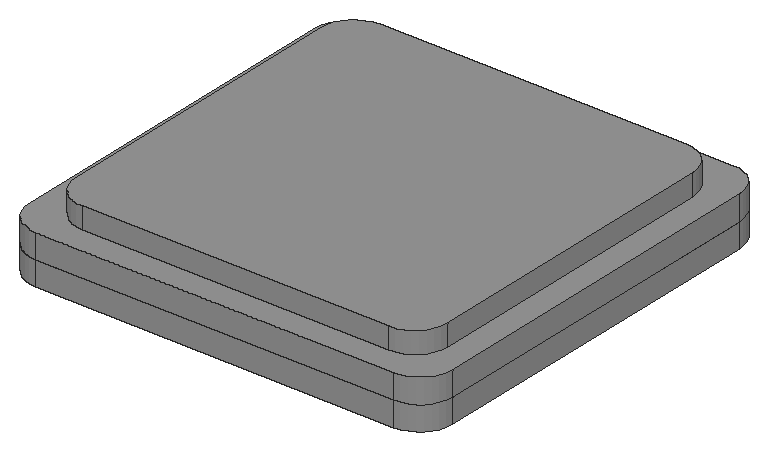
Revit family "FMS2_63_UN_Surface-mounted_ETK", category Lighting Fixtures, Revit 2019 (continued)
Definition of nested family "FMS.2 - Lightsource"
  Types (14, lengths in mm): name | Wattage Comments | Wattage | built-in parameter 1150134 | Photometric Web File | built-in parameter 1150142 | built-in parameter 1150105 | Lumens | built-in parameter 1150107 | built-in parameter 1150106 | Apparent Load
      .0375\t393.9993\t390.823\t387.7848\t384.7466\t381.5703\t378.5321\t375.3558\t372.3176\t369.1413\r\n366.1031\t362.9268\t359.8886\t356.7123\t353.6741\t350.4978\t347.4596\t344.2833\t341.2451\t338.2069\r\n335.0306\t331.9924\t328.8161\t325.0874\t321.3587\t317.7681\t314.0394\t310.3107\t306.7201\t302.9914\r\n299.2627\t295.6721\t291.9434\t288.2147\t284.6241\t280.8954\t277.1667\t273.5761\t269.8474\t266.1187\r\n262.39\t258.7994\t255.0707\t251.342\t247.6133\t244.0227\t240.294\t236.5653\t232.9747\t229.246\r\n225.5173\t221.9267\t218.198\t214.3312\t210.4644\t206.5976\t202.7308\t198.864\t194.9972\t191.1304\r\n187.2636\t183.3968\t179.53\t175.6632\t171.7964\t167.9296\t164.0628\t160.196\t156.3292\t152.4624\r\n148.5956\t144.7288\t141.0001\t137.0781\t133.2251\t129.3721\t125.5053\t121.6523\t117.7993\t113.9463\r\n110.1071\t106.1022\t95.1233\t84.1443\t73.1792\t62.2002\t51.2351\t40.2561\t29.2772\t18.3121\r\n7.3359\t0\t0\t0\t0\t0\t0\t0\t0\t0\r\n0\t0\t0\t0\t0\t0\t0\t0\t0\t0\r\n0\r\n502.9602\t502.4078\t501.7173\t501.0268\t500.4744\t499.922\t499.2315\t498.6791\t497.9886\t497.4362\r\n496.8838\t496.1933\t495.6409\t495.0885\t494.5361\t493.9837\t493.4313\t492.8789\t492.1884\t491.636\r\n491.0836\t490.5312\t489.9788\t489.4264\t488.7359\t488.1835\t487.6311\t487.0787\t486.5263\t485.9739\r\n485.2834\t483.9024\t481.969\t480.0356\t477.9641\t476.0307\t473.9592\t472.0258\t469.9543\t468.0209\r\n465.9494\t463.8779\t461.9445\t459.873\t457.9396\t455.8681\t453.9347\t451.8632\t449.7917\t447.8583\r\n445.7868\t443.7153\t441.7819\t439.7104\t437.6389\t435.7055\t433.634\t431.5625\t429.491\t427.5576\r\n425.4861\t423.2765\t420.1002\t417.062\t414.0238\t410.9856\t407.9474\t404.9092\t401.7329\t398.6947\r\n395.6565\t392.6183\t389.5801\t386.4038\t383.3656\t380.3274\t377.2892\t374.1129\t371.0747\t368.0365\r\n364.9983\t361.822\t358.7838\t355.7456\t352.5693\t349.5311\t346.4929\t343.4547\t340.2784\t337.2402\r\n334.202\t331.0257\t327.4351\t323.7064\t320.1158\t316.3871\t312.6584\t309.0678\t305.3391\t301.7485\r\n298.0198\t294.4292\t290.7005\t287.1099\t283.3812\t279.7906\t276.0619\t272.3332\t268.7426\t265.0139\r\n261.4233\t257.6946\t254.104\t250.3753\t246.7847\t243.056\t239.4654\t235.7367\t232.1461\t228.4174\r\n224.8268\t221.0981\t217.2313\t213.3645\t209.4977\t205.769\t201.9022\t198.0354\t194.1686\t190.3018\r\n186.5731\t182.7063\t178.8395\t174.9727\t171.1059\t167.2391\t163.5104\t159.6436\t155.7768\t151.91\r\n148.0432\t144.1764\t140.4477\t136.5533\t132.7141\t128.8749\t125.0219\t121.1827\t117.3436\t113.5044\r\n109.6652\t101.8073\t90.8698\t79.9185\t68.9671\t58.0158\t47.0645\t36.1131\t25.1618\t14.2105\r\n3.2619\t0\t0\t0\t0\t0\t0\t0\t0\t0\r\n0\t0\t0\t0\t0\t0\t0\t0\t0\t0\r\n0\r\n502.9602\t502.4078\t501.7173\t501.0268\t500.4744\t499.7839\t499.2315\t498.541\t497.9886\t497.4362\r\n496.7457\t496.1933\t495.5028\t494.9504\t494.398\t493.7075\t493.1551\t492.6027\t491.9122\t491.3598\r\n490.8074\t490.1169\t489.5645\t489.0121\t488.4597\t487.7692\t487.2168\t486.6644\t486.112\t485.4215\r\n484.8691\t483.0738\t481.0023\t479.0689\t476.9974\t474.9259\t472.9925\t470.921\t468.9876\t466.9161\r\n464.9827\t462.9112\t460.8397\t458.9063\t456.8348\t454.9014\t452.8299\t450.8965\t448.825\t446.8916\r\n444.8201\t442.7486\t440.8152\t438.7437\t436.6722\t434.7388\t432.6673\t430.5958\t428.6624\t426.5909\r\n424.5194\t421.7574\t418.7192\t415.5429\t412.5047\t409.4665\t406.4283\t403.3901\t400.3519\t397.3137\r\n394.1374\t391.0992\t388.061\t385.0228\t381.9846\t378.9464\t375.9082\t372.87\t369.8318\t366.6555\r\n363.6173\t360.5791\t357.5409\t354.5027\t351.4645\t348.4263\t345.25\t342.2118\t339.1736\t336.1354\r\n333.0972\t329.5066\t325.916\t322.3254\t318.5967\t315.0061\t311.4155\t307.6868\t304.0962\t300.3675\r\n296.7769\t293.1863\t289.4576\t285.867\t282.2764\t278.5477\t274.9571\t271.2284\t267.6378\t264.0472\r\n260.3185\t256.7279\t253.1373\t249.4086\t245.818\t242.0893\t238.4987\t234.9081\t231.1794\t227.5888\r\n223.9982\t220.1314\t216.2646\t212.5359\t208.6691\t204.8023\t201.0736\t197.2068\t193.34\t189.6113\r\n185.7445\t181.8777\t178.149\t174.2822\t170.4154\t166.5486\t162.8199\t158.9531\t155.0863\t151.3576\r\n147.4908\t143.624\t139.7572\t135.9871\t132.1617\t128.3363\t124.511\t120.6718\t116.8464\t113.021\r\n109.1957\t99.0453\t88.1354\t77.2255\t66.3018\t55.3919\t44.482\t33.5583\t22.6484\t11.7302\r\n0.8141\t0\t0\t0\t0\t0\t0\t0\t0\t0\r\n0\t0\t0\t0\t0\t0\t0\t0\t0\t0\r\n0\r\n502.9602\t502.4078\t501.7173\t501.1649\t500.4744\t499.7839\t499.2315\t498.541\t497.9886\t497.2981\r\n496.7457\t496.0552\t495.5028\t494.8123\t494.2599\t493.5694\t493.017\t492.3265\t491.7741\t491.0836\r\n490.5312\t489.8407\t489.2883\t488.5978\t487.9073\t487.3549\t486.6644\t486.112\t485.4215\t484.8691\r\n484.1786\t482.2452\t480.1737\t478.1022\t476.1688\t474.0973\t472.0258\t470.0924\t468.0209\t465.9494\r\n464.016\t461.9445\t459.873\t457.9396\t455.8681\t453.9347\t451.8632\t449.7917\t447.8583\t445.7868\r\n443.7153\t441.7819\t439.7104\t437.6389\t435.7055\t433.634\t431.5625\t429.6291\t427.5576\t425.4861\r\n423.5527\t420.5145\t417.4763\t414.3\t411.2618\t408.2236\t405.1854\t402.1472\t399.109\t396.0708\r\n393.0326\t389.9944\t386.8181\t383.7799\t380.7417\t377.7035\t374.6653\t371.6271\t368.5889\t365.5507\r\n362.5125\t359.4743\t356.298\t353.2598\t350.2216\t347.1834\t344.1452\t341.107\t338.0688\t335.0306\r\n331.9924\t328.2637\t324.6731\t321.0825\t317.3538\t313.7632\t310.1726\t306.582\t302.8533\t299.2627\r\n295.6721\t291.9434\t288.3528\t284.7622\t281.0335\t277.4429\t273.8523\t270.1236\t266.533\t262.9424\r\n259.3518\t255.6231\t252.0325\t248.4419\t244.7132\t241.1226\t237.532\t233.8033\t230.2127\t226.6221\r\n223.0315\t219.1647\t215.2979\t211.5692\t207.7024\t203.9737\t200.1069\t196.2401\t192.5114\t188.6446\r\n184.9159\t181.0491\t177.3204\t173.4536\t169.5868\t165.8581\t161.9913\t158.2626\t154.3958\t150.6671\r\n146.8003\t142.9335\t139.2048\t135.3656\t131.5541\t127.7563\t123.9447\t120.1332\t116.3216\t112.5101\r\n108.7123\t97.8438\t86.9616\t76.0931\t65.2246\t54.3562\t43.4877\t32.6192\t21.7369\t10.8712\r\n0\t0\t0\t0\t0\t0\t0\t0\t0\t0\r\n0\t0\t0\t0\t0\t0\t0\t0\t0\t0\r\n0\r\n502.9602\t502.2697\t501.5792\t500.8887\t500.1982\t499.6458\t498.9553\t498.2648\t497.5743\t496.8838\r\n496.1933\t495.6409\t494.9504\t494.2599\t493.5694\t492.8789\t492.3265\t491.636\t490.9455\t490.255\r\n489.7026\t489.0121\t488.3216\t487.7692\t487.0787\t486.3882\t485.8358\t485.1453\t484.4548\t483.9024\r\n483.2119\t481.2785\t479.3451\t477.2736\t475.2021\t473.1306\t471.1972\t469.1257\t467.0542\t464.9827\r\n462.9112\t460.9778\t458.9063\t456.8348\t454.7633\t452.8299\t450.7584\t448.6869\t446.6154\t444.5439\r\n442.6105\t440.539\t438.4675\t436.396\t434.4626\t432.3911\t430.3196\t428.2481\t426.1766\t424.2432\r\n422.1717\t419.2716\t416.2334\t413.1952\t410.157\t406.9807\t403.9425\t400.9043\t397.8661\t394.8279\r\n391.7897\t388.6134\t385.5752\t382.537\t379.4988\t376.4606\t373.2843\t370.2461\t367.2079\t364.1697\r\n361.1315\t357.9552\t354.917\t351.8788\t348.8406\t345.8024\t342.6261\t339.5879\t336.5497\t333.5115\r\n330.4733\t326.8827\t323.2921\t319.7015\t315.9728\t312.3822\t308.7916\t305.201\t301.4723\t297.8817\r\n294.2911\t290.7005\t286.9718\t283.3812\t279.7906\t276.2\t272.4713\t268.8807\t265.2901\t261.6995\r\n258.1089\t254.3802\t250.7896\t247.199\t243.6084\t240.0178\t236.4272\t232.6985\t229.1079\t225.5173\r\n221.9267\t218.198\t214.3312\t210.6025\t206.7357\t203.007\t199.1402\t195.4115\t191.5447\t187.816\r\n183.9492\t180.2205\t176.3537\t172.625\t168.7582\t165.0295\t161.1627\t157.434\t153.5672\t149.8385\r\n145.9717\t142.243\t138.5143\t134.6613\t130.8636\t127.0796\t123.2819\t119.4979\t115.714\t111.9162\r\n108.1323\t98.0924\t87.2792\t76.466\t65.6527\t54.8533\t44.0401\t33.2269\t22.4274\t11.6142\r\n0.806\t0\t0\t0\t0\t0\t0\t0\t0\t0\r\n0\t0\t0\t0\t0\t0\t0\t0\t0\t0\r\n0\r\n502.9602\t502.2697\t501.5792\t500.7506\t500.0601\t499.3696\t498.6791\t497.9886\t497.16\t496.4695\r\n495.779\t495.0885\t494.398\t493.7075\t493.1551\t492.4646\t491.7741\t491.0836\t490.3931\t489.7026\r\n489.1502\t488.4597\t487.7692\t487.0787\t486.3882\t485.6977\t485.0072\t484.3167\t483.6262\t482.9357\r\n482.2452\t480.8642\t478.7927\t476.7212\t474.6497\t472.5782\t470.5067\t468.4352\t466.3637\t464.1541\r\n462.0826\t460.0111\t457.9396\t455.8681\t453.7966\t451.7251\t449.6536\t447.5821\t445.5106\t443.4391\r\n441.3676\t439.2961\t437.0865\t435.015\t432.9435\t430.872\t428.8005\t426.729\t424.5194\t422.4479\r\n420.3764\t418.0287\t414.9905\t411.9523\t408.9141\t405.7378\t402.6996\t399.6614\t396.4851\t393.4469\r\n390.4087\t387.3705\t384.1942\t381.156\t378.1178\t374.9415\t371.9033\t368.727\t365.6888\t362.6506\r\n359.4743\t356.4361\t353.3979\t350.2216\t347.1834\t344.1452\t340.9689\t337.9307\t334.8925\t331.8543\r\n328.678\t325.6398\t321.9111\t318.3205\t314.7299\t311.1393\t307.4106\t303.82\t300.2294\t296.6388\r\n292.9101\t289.3195\t285.7289\t282.1383\t278.5477\t274.9571\t271.2284\t267.6378\t264.0472\t260.4566\r\n256.866\t253.2754\t249.5467\t245.9561\t242.3655\t238.7749\t235.1843\t231.5937\t228.0031\t224.4125\r\n220.8219\t217.0932\t213.3645\t209.4977\t205.769\t202.0403\t198.1735\t194.4448\t190.578\t186.8493\r\n183.1206\t179.2538\t175.5251\t171.6583\t167.9296\t164.2009\t160.3341\t156.6054\t152.7386\t149.0099\r\n145.2812\t141.4144\t137.6995\t133.9294\t130.1593\t126.3891\t122.619\t118.8489\t115.0787\t111.3086\r\n107.5523\t99.8463\t89.1021\t78.3579\t67.6138\t56.8834\t46.1392\t35.4088\t24.6647\t13.9343\r\n3.197\t0\t0\t0\t0\t0\t0\t0\t0\t0\r\n0\t0\t0\t0\t0\t0\t0\t0\t0\t0\r\n0\r\n502.9602\t502.2697\t501.4411\t500.6125\t499.922\t499.0934\t498.4029\t497.7124\t496.8838\t496.1933\r\n495.5028\t494.8123\t494.1218\t493.4313\t492.7408\t492.0503\t491.3598\t490.6693\t489.9788\t489.1502\r\n488.4597\t487.7692\t487.0787\t486.3882\t485.5596\t484.8691\t484.0405\t483.35\t482.5214\t481.8309\r\n481.0023\t480.3118\t478.1022\t476.0307\t473.9592\t471.8877\t469.6781\t467.6066\t465.5351\t463.3255\r\n461.254\t459.0444\t456.9729\t454.7633\t452.6918\t450.6203\t448.4107\t446.3392\t444.2677\t442.0581\r\n439.9866\t437.777\t435.7055\t433.634\t431.4244\t429.3529\t427.2814\t425.0718\t423.0003\t420.7907\r\n418.7192\t416.5096\t414.1619\t410.9856\t407.8093\t404.7711\t401.5948\t398.5566\t395.3803\t392.204\r\n389.1658\t385.9895\t382.9513\t379.775\t376.7368\t373.5605\t370.3842\t367.346\t364.1697\t361.1315\r\n357.9552\t354.7789\t351.7407\t348.5644\t345.5262\t342.3499\t339.3117\t336.1354\t333.0972\t330.059\r\n326.8827\t323.8445\t320.8063\t317.0776\t313.487\t309.7583\t306.1677\t302.5771\t298.8484\t295.2578\r\n291.6672\t287.9385\t284.3479\t280.7573\t277.1667\t273.438\t269.8474\t266.2568\t262.6662\t259.0756\r\n255.3469\t251.7563\t248.1657\t244.5751\t240.9845\t237.3939\t233.8033\t230.2127\t226.6221\t223.0315\r\n219.4409\t215.8503\t212.2597\t208.3929\t204.6642\t200.7974\t197.0687\t193.34\t189.4732\t185.7445\r\n182.0158\t178.149\t174.4203\t170.6916\t166.8248\t163.0961\t159.3674\t155.6387\t151.91\t148.1813\r\n144.3145\t140.5858\t136.8709\t133.1284\t129.3997\t125.6572\t121.9147\t118.1722\t114.4435\t110.7148\r\n106.9723\t103.0917\t92.4303\t81.7552\t71.0939\t60.4326\t49.7712\t39.1099\t28.4486\t17.7873\r\n7.1246\t0\t0\t0\t0\t0\t0\t0\t0\t0\r\n0\t0\t0\t0\t0\t0\t0\t0\t0\t0\r\n0\r\n502.9602\t502.1316\t501.303\t500.6125\t499.7839\t498.9553\t498.1267\t497.4362\t496.7457\t496.0552\r\n495.3647\t494.6742\t493.9837\t493.1551\t492.4646\t491.636\t490.9455\t490.1169\t489.4264\t488.5978\r\n487.9073\t487.0787\t486.2501\t485.4215\t484.5929\t483.9024\t483.0738\t482.2452\t481.4166\t480.588\r\n479.7594\t478.9308\t477.826\t475.6164\t473.4068\t471.1972\t468.9876\t466.9161\t464.7065\t462.635\r\n460.4254\t458.2158\t456.1443\t453.9347\t451.7251\t449.5155\t447.3059\t445.0963\t443.0248\t440.8152\r\n438.6056\t436.396\t434.1864\t431.9768\t429.9053\t427.6957\t425.4861\t423.2765\t421.0669\t418.7192\r\n416.5096\t414.3\t412.0904\t410.0189\t406.9807\t403.8044\t400.6281\t397.4518\t394.2755\t391.0992\r\n387.9229\t384.7466\t381.5703\t378.394\t375.3558\t372.1795\t369.0032\t365.8269\t362.6506\t359.4743\r\n356.298\t353.1217\t350.0835\t346.9072\t343.7309\t340.5546\t337.3783\t334.3401\t331.1638\t327.9875\r\n324.9493\t321.773\t318.5967\t315.5585\t312.2441\t308.5154\t304.9248\t301.1961\t297.6055\t293.8768\r\n290.2862\t286.6956\t282.9669\t279.3763\t275.7857\t272.057\t268.4664\t264.8758\t261.1471\t257.5565\r\n253.9659\t250.3753\t246.6466\t243.056\t239.4654\t235.8748\t232.1461\t228.5555\t224.9649\t221.3743\r\n217.7837\t214.1931\t210.6025\t207.0119\t203.2832\t199.5545\t195.8258\t191.959\t188.2303\t184.5016\r\n180.7729\t177.0442\t173.3155\t169.5868\t165.72\t161.9913\t158.2626\t154.5339\t150.8052\t147.0765\r\n143.4859\t139.7572\t135.9871\t132.286\t128.5711\t124.8562\t121.1551\t117.454\t113.753\t110.0519\r\n106.3508\t102.6497\t97.1395\t86.5473\t75.9688\t65.3903\t54.8119\t44.2334\t33.655\t23.0903\r\n12.5146\t1.9444\t0\t0\t0\t0\t0\t0\t0\t0\r\n0\t0\t0\t0\t0\t0\t0\t0\t0\t0\r\n0\r\n502.9602\t502.1316\t501.303\t500.4744\t499.6458\t498.8172\t498.1267\t497.4362\t496.7457\t496.0552\r\n495.2266\t494.398\t493.7075\t492.8789\t492.0503\t491.3598\t490.5312\t489.7026\t488.874\t488.0454\r\n487.2168\t486.3882\t485.4215\t484.5929\t483.7643\t482.7976\t481.969\t481.0023\t480.0356\t479.0689\r\n478.1022\t477.2736\t476.3069\t475.3402\t473.1306\t470.921\t468.7114\t466.5018\t464.2922\t462.0826\r\n459.7349\t457.5253\t455.3157\t453.1061\t450.8965\t448.5488\t446.3392\t443.9915\t441.7819\t439.4342\r\n437.2246\t434.8769\t432.6673\t430.4577\t428.11\t425.9004\t423.5527\t421.3431\t418.9954\t416.7858\r\n414.4381\t412.2285\t409.8808\t407.5331\t405.3235\t402.9758\t399.7995\t396.6232\t393.3088\t390.1325\r\n386.9562\t383.7799\t380.4655\t377.2892\t373.9748\t370.7985\t367.6222\t364.3078\t361.1315\t357.9552\r\n354.7789\t351.6026\t348.4263\t345.25\t342.0737\t338.8974\t335.7211\t332.5448\t329.3685\t326.0541\r\n322.8778\t319.7015\t316.5252\t313.3489\t310.1726\t306.9963\t303.6819\t299.9532\t296.3626\t292.6339\r\n288.9052\t285.3146\t281.5859\t277.8572\t274.2666\t270.5379\t266.9473\t263.2186\t259.628\t255.8993\r\n252.3087\t248.7181\t245.1275\t241.3988\t237.8082\t234.2176\t230.627\t227.0364\t223.4458\t219.8552\r\n216.2646\t212.674\t209.0834\t205.4928\t201.9022\t198.3116\t194.4448\t190.7161\t186.9874\t183.2587\r\n179.53\t175.8013\t172.0726\t168.3439\t164.6152\t160.8865\t157.1578\t153.4291\t149.7004\t145.9717\r\n142.243\t138.6524\t134.9237\t131.2364\t127.5492\t123.8757\t120.2022\t116.5288\t112.8553\t109.1957\r\n105.5222\t101.8764\t98.2167\t92.527\t82.0452\t71.5772\t61.1093\t50.6413\t40.1733\t29.7191\r\n19.2511\t8.7956\t0\t0\t0\t0\t0\t0\t0\t0\r\n0\t0\t0\t0\t0\t0\t0\t0\t0\t0\r\n0\r\n502.9602\t502.1316\t501.303\t500.3363\t499.5077\t498.8172\t498.1267\t497.4362\t496.7457\t495.9171\r\n495.0885\t494.2599\t493.4313\t492.6027\t491.7741\t490.9455\t490.1169\t489.2883\t488.3216\t487.493\r\n486.5263\t485.5596\t484.5929\t483.6262\t482.6595\t481.6928\t480.7261\t479.7594\t478.7927\t477.826\r\n476.7212\t475.7545\t474.6497\t473.5449\t472.5782\t470.7829\t468.4352\t466.2256\t463.8779\t461.5302\r\n459.3206\t456.9729\t454.6252\t452.2775\t450.0679\t447.7202\t445.3725\t443.0248\t440.6771\t438.3294\r\n435.9817\t433.634\t431.1482\t428.8005\t426.4528\t424.1051\t421.7574\t419.4097\t417.062\t414.7143\r\n412.2285\t409.8808\t407.5331\t405.1854\t402.6996\t400.3519\t398.0042\t395.6565\t392.7564\t389.442\r\n386.2657\t382.9513\t379.6369\t376.3225\t373.0081\t369.6937\t366.3793\t363.0649\t359.7505\t356.5742\r\n353.2598\t350.0835\t346.7691\t343.4547\t340.2784\t336.964\t333.7877\t330.4733\t327.1589\t323.9826\r\n320.8063\t317.4919\t314.3156\t311.1393\t307.8249\t304.6486\t301.4723\t298.296\t295.1197\t291.5291\r\n287.6623\t283.9336\t280.2049\t276.4762\t272.7475\t269.1569\t265.4282\t261.6995\t258.1089\t254.3802\r\n250.7896\t247.0609\t243.4703\t239.7416\t236.151\t232.5604\t228.8317\t225.2411\t221.6505\t217.9218\r\n214.3312\t210.7406\t207.15\t203.5594\t199.9688\t196.3782\t192.7876\t189.3351\t185.6064\t181.7396\r\n178.0109\t174.2822\t170.5535\t166.9629\t163.2342\t159.5055\t155.7768\t152.0481\t148.4575\t144.7288\r\n141.0001\t137.3957\t133.7222\t130.0764\t126.4167\t122.7709\t119.1389\t115.5068\t111.8748\t108.2428\r\n104.6246\t101.0202\t97.4019\t93.8113\t89.3369\t78.9794\t68.6219\t58.2644\t47.9207\t37.577\r\n27.2471\t16.9034\t6.568\t0\t0\t0\t0\t0\t0\t0\r\n0\t0\t0\t0\t0\t0\t0\t0\t0\t0\r\n0\r\n502.9602\t502.1316\t501.1649\t500.3363\t499.5077\t498.8172\t498.1267\t497.4362\t496.6076\t495.779\r\n494.9504\t494.1218\t493.2932\t492.4646\t491.636\t490.6693\t489.7026\t488.874\t487.9073\t486.8025\r\n485.8358\t484.8691\t483.7643\t482.7976\t481.8309\t480.7261\t479.6213\t478.5165\t477.4117\t476.3069\r\n475.2021\t474.0973\t472.9925\t471.7496\t470.6448\t469.4019\t468.159\t466.0875\t463.7398\t461.3921\r\n459.0444\t456.6967\t454.2109\t451.8632\t449.3774\t446.8916\t444.5439\t442.0581\t439.7104\t437.2246\r\n434.8769\t432.3911\t429.9053\t427.4195\t424.9337\t422.586\t420.1002\t417.6144\t415.1286\t412.6428\r\n410.2951\t407.8093\t405.3235\t402.8377\t400.2138\t397.728\t395.2422\t392.7564\t390.2706\t387.9229\r\n385.4371\t382.2608\t378.9464\t375.632\t372.1795\t368.8651\t365.4126\t362.0982\t358.6457\t355.3313\r\n352.0169\t348.7025\t345.3881\t341.9356\t338.6212\t335.3068\t331.8543\t328.5399\t325.2255\t322.0492\r\n318.7348\t315.4204\t312.106\t308.7916\t305.4772\t302.3009\t298.9865\t295.6721\t292.3577\t289.0433\r\n285.7289\t282.5526\t278.962\t275.2333\t271.5046\t267.7759\t264.0472\t260.3185\t256.5898\t252.8611\r\n249.1324\t245.4037\t241.675\t237.9463\t234.3557\t230.627\t226.8983\t223.3077\t219.7171\t216.1265\r\n212.5359\t208.9453\t205.2166\t201.626\t198.0354\t194.4448\t190.8542\t187.2636\t183.673\t180.2205\r\n176.4918\t172.7631\t169.0344\t165.3057\t161.577\t157.9864\t154.2577\t150.6671\t146.9384\t143.3478\r\n139.6191\t136.0561\t132.4379\t128.8335\t125.2015\t121.5832\t117.965\t114.3606\t110.7562\t107.1656\r\n103.5888\t100.012\t96.449\t92.8999\t89.3507\t85.8153\t77.1979\t66.9785\t56.7591\t46.5535\r\n36.3479\t26.1423\t15.9367\t5.7353\t0\t0\t0\t0\t0\t0\r\n0\t0\t0\t0\t0\t0\t0\t0\t0\t0\r\n0\r\n502.9602\t502.1316\t501.1649\t500.3363\t499.5077\t498.8172\t498.1267\t497.2981\t496.4695\t495.6409\r\n494.8123\t493.9837\t493.1551\t492.3265\t491.3598\t490.3931\t489.4264\t488.3216\t487.3549\t486.3882\r\n485.2834\t484.1786\t483.2119\t481.969\t480.8642\t479.7594\t478.5165\t477.4117\t476.1688\t475.064\r\n473.8211\t472.5782\t471.1972\t469.9543\t468.
